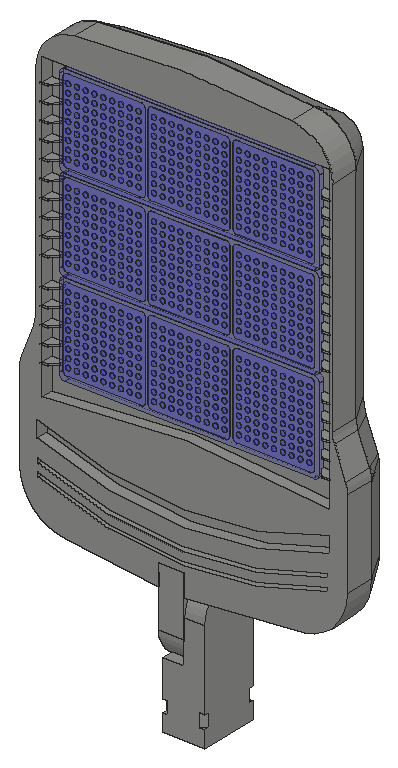
Revit family "VP-4-K", category Lighting Fixtures, host Face, Revit 2019 (continued)
Definition of nested family "SIZE4-K"
  Forms (in)
    Extrusion 49, solid, material <- "Glass"
      sketch origin (0.375, 0, -11.375) x (1, 0, 0) y (0, 0, 1)
        loop
          circle (-5.4033, 31.83694) r 0.15
        loop
          circle (-4.88455, 31.83694) r 0.15
        loop
          circle (-4.3658, 31.83694) r 0.15
        loop
          circle (-3.84705, 31.83694) r 0.15
        loop
          circle (-3.32831, 31.83694) r 0.15
        loop
          circle (-7.47829, 31.33694) r 0.15
        loop
          circle (-6.95955, 31.33694) r 0.15
        loop
          circle (-6.4408, 31.33694) r 0.15
        loop
          circle (-5.92205, 31.33694) r 0.15
        loop
          circle (-5.4033, 31.33694) r 0.15
        loop
          circle (-4.88455, 31.33694) r 0.15
        loop
          circle (-4.3658, 31.33694) r 0.15
        loop
          circle (-3.84705, 31.33694) r 0.15
        loop
          circle (-3.32831, 31.33694) r 0.15
        loop
          circle (-7.47829, 30.83694) r 0.15
        loop
          circle (-6.95955, 30.83694) r 0.15
        loop
          circle (-6.4408, 30.83694) r 0.15
        loop
          circle (-5.92205, 30.83694) r 0.15
        loop
          circle (-5.4033, 30.83694) r 0.15
        loop
          circle (-4.88455, 30.83694) r 0.15
        loop
          circle (-4.3658, 30.83694) r 0.15
        loop
          circle (-3.84705, 30.83694) r 0.15
        loop
          circle (-3.32831, 30.83694) r 0.15
        loop
          circle (-7.47829, 30.33694) r 0.15
        loop
          circle (-6.95955, 30.33694) r 0.15
        loop
          circle (-6.4408, 30.33694) r 0.15
        loop
          circle (-5.92205, 30.33694) r 0.15
        loop
          circle (-5.4033, 30.33694) r 0.15
        loop
          circle (-4.88455, 30.33694) r 0.15
        loop
          circle (-4.3658, 30.33694) r 0.15
        loop
          circle (-3.84705, 30.33694) r 0.15
        loop
          circle (-3.32831, 30.33694) r 0.15
        loop
          circle (-7.47829, 29.83694) r 0.15
        loop
          circle (-6.95955, 29.83694) r 0.15
        loop
          circle (-6.4408, 29.83694) r 0.15
        loop
          circle (-5.92205, 29.83694) r 0.15
        loop
          circle (-5.4033, 29.83694) r 0.15
        loop
          circle (-4.88455, 29.83694) r 0.15
        loop
          circle (-4.3658, 29.83694) r 0.15
        loop
          circle (-3.84705, 29.83694) r 0.15
        loop
          circle (-3.32831, 29.83694) r 0.15
        loop
          circle (-7.47829, 29.33694) r 0.15
        loop
          circle (-6.95955, 29.33694) r 0.15
        loop
          circle (-6.4408, 29.33694) r 0.15
        loop
          circle (-5.92205, 29.33694) r 0.15
        loop
          circle (-5.4033, 29.33694) r 0.15
        loop
          circle (-4.88455, 29.33694) r 0.15
        loop
          circle (-4.3658, 29.33694) r 0.15
        loop
          circle (-3.84705, 29.33694) r 0.15
        loop
          circle (-3.32831, 29.33694) r 0.15
        loop
          circle (-7.47829, 28.83694) r 0.15
        loop
          circle (-6.95955, 28.83694) r 0.15
        loop
          circle (-6.4408, 28.83694) r 0.15
        loop
          circle (-5.92205, 28.83694) r 0.15
        loop
          circle (-5.4033, 28.83694) r 0.15
        loop
          circle (-4.88455, 28.83694) r 0.15
        loop
          circle (-4.3658, 28.83694) r 0.15
        loop
          circle (-3.84705, 28.83694) r 0.15
        loop
          circle (-3.32831, 28.83694) r 0.15
        loop
          circle (-7.47829, 28.33694) r 0.15
        loop
          circle (-6.95955, 28.33694) r 0.15
        loop
          circle (-6.4408, 28.33694) r 0.15
        loop
          circle (-5.92205, 28.33694) r 0.15
        loop
          circle (-5.4033, 28.33694) r 0.15
        loop
          circle (-4.88455, 28.33694) r 0.15
        loop
          circle (-4.3658, 28.33694) r 0.15
        loop
          circle (-3.84705, 28.33694) r 0.15
        loop
          circle (-3.32831, 28.33694) r 0.15
      from 1.35 to 1.4
    Extrusion 50, solid, material <- "Glass"
      sketch origin (0, 0, -11.375) x (1, 0, 0) y (0, 0, 1)
        loop
          arc (-7.16655, 32.8409) -> (-7.34333, 32.76768) -> (-7.41655, 32.5909) r 0.25
          line (-7.41655, 32.5909) -> (-7.41655, 28.0909)
          arc (-7.41655, 28.0909) -> (-7.34333, 27.91412) -> (-7.16655, 27.8409) r 0.25
          line (-7.16655, 27.8409) -> (-2.81123, 27.8409)
          arc (-2.81123, 27.8409) -> (-2.63446, 27.91412) -> (-2.56123, 28.0909) r 0.25
          line (-2.56123, 28.0909) -> (-2.56123, 32.5909)
          arc (-2.56123, 32.5909) -> (-2.63446, 32.76768) -> (-2.81123, 32.8409) r 0.25
          line (-2.81123, 32.8409) -> (-7.16655, 32.8409)
      from 1.35 to 1.37213
    Extrusion 51, solid, material <- "Glass"
      sketch origin (-0.375, 0, -11.375) x (-1, 0, 0) y (0, 0, -1)
        loop
          circle (-7.47829, -32.33694) r 0.15
        loop
          circle (-6.95955, -32.33694) r 0.15
        loop
          circle (-6.4408, -32.33694) r 0.15
        loop
          circle (-5.92205, -32.33694) r 0.15
        loop
          circle (-5.4033, -32.33694) r 0.15
        loop
          circle (-4.88455, -32.33694) r 0.15
        loop
          circle (-4.3658, -32.33694) r 0.15
        loop
          circle (-3.84705, -32.33694) r 0.15
        loop
          circle (-3.32831, -32.33694) r 0.15
        loop
          circle (-7.47829, -31.83694) r 0.15
        loop
          circle (-6.95955, -31.83694) r 0.15
        loop
          circle (-6.4408, -31.83694) r 0.15
        loop
          circle (-5.92205, -31.83694) r 0.15
        loop
          circle (-5.4033, -31.83694) r 0.15
        loop
          circle (-4.88455, -31.83694) r 0.15
        loop
          circle (-4.3658, -31.83694) r 0.15
        loop
          circle (-3.84705, -31.83694) r 0.15
        loop
          circle (-3.32831, -31.83694) r 0.15
        loop
          circle (-7.47829, -31.33694) r 0.15
        loop
          circle (-6.95955, -31.33694) r 0.15
        loop
          circle (-6.4408, -31.33694) r 0.15
        loop
          circle (-5.92205, -31.33694) r 0.15
        loop
          circle (-5.4033, -31.33694) r 0.15
        loop
          circle (-4.88455, -31.33694) r 0.15
        loop
          circle (-4.3658, -31.33694) r 0.15
        loop
          circle (-3.84705, -31.33694) r 0.15
        loop
          circle (-3.32831, -31.33694) r 0.15
        loop
          circle (-7.47829, -30.83694) r 0.15
        loop
          circle (-6.95955, -30.83694) r 0.15
        loop
          circle (-6.4408, -30.83694) r 0.15
        loop
          circle (-5.92205, -30.83694) r 0.15
        loop
          circle (-5.4033, -30.83694) r 0.15
        loop
          circle (-4.88455, -30.83694) r 0.15
        loop
          circle (-4.3658, -30.83694) r 0.15
        loop
          circle (-3.84705, -30.83694) r 0.15
        loop
          circle (-3.32831, -30.83694) r 0.15
        loop
          circle (-7.47829, -30.33694) r 0.15
        loop
          circle (-6.95955, -30.33694) r 0.15
        loop
          circle (-6.4408, -30.33694) r 0.15
        loop
          circle (-5.92205, -30.33694) r 0.15
        loop
          circle (-5.4033, -30.33694) r 0.15
        loop
          circle (-4.88455, -30.33694) r 0.15
        loop
          circle (-4.3658, -30.33694) r 0.15
        loop
          circle (-3.84705, -30.33694) r 0.15
        loop
          circle (-3.32831, -30.33694) r 0.15
        loop
          circle (-7.47829, -29.83694) r 0.15
        loop
          circle (-6.95955, -29.83694) r 0.15
        loop
          circle (-6.4408, -29.83694) r 0.15
        loop
          circle (-5.92205, -29.83694) r 0.15
        loop
          circle (-5.4033, -29.83694) r 0.15
        loop
          circle (-4.88455, -29.83694) r 0.15
        loop
          circle (-4.3658, -29.83694) r 0.15
        loop
          circle (-3.84705, -29.83694) r 0.15
        loop
          circle (-3.32831, -29.83694) r 0.15
        loop
          circle (-7.47829, -29.33694) r 0.15
        loop
          circle (-6.95955, -29.33694) r 0.15
        loop
          circle (-6.4408, -29.33694) r 0.15
        loop
          circle (-5.92205, -29.33694) r 0.15
        loop
          circle (-5.4033, -29.33694) r 0.15
        loop
          circle (-4.88455, -29.33694) r 0.15
        loop
          circle (-4.3658, -29.33694) r 0.15
        loop
          circle (-3.84705, -29.33694) r 0.15
        loop
          circle (-3.32831, -29.33694) r 0.15
        loop
          circle (-7.47829, -28.83694) r 0.15
        loop
          circle (-6.95955, -28.83694) r 0.15
        loop
          circle (-6.4408, -28.83694) r 0.15
        loop
          circle (-5.92205, -28.83694) r 0.15
        loop
          circle (-5.4033, -28.83694) r 0.15
        loop
          circle (-4.88455, -28.83694) r 0.15
        loop
          circle (-4.3658, -28.83694) r 0.15
        loop
          circle (-3.84705, -28.83694) r 0.15
        loop
          circle (-3.32831, -28.83694) r 0.15
        loop
          circle (-7.47829, -28.33694) r 0.15
        loop
          circle (-6.95955, -28.33694) r 0.15
        loop
          circle (-6.4408, -28.33694) r 0.15
        loop
          circle (-5.92205, -28.33694) r 0.15
        loop
          circle (-5.4033, -28.33694) r 0.15
        loop
          circle (-4.88455, -28.33694) r 0.15
        loop
          circle (-4.3658, -28.33694) r 0.15
        loop
          circle (-3.84705, -28.33694) r 0.15
        loop
          circle (-3.32831, -28.33694) r 0.15
      from 1.35 to 1.4
    Extrusion 52, solid, material <- "Glass"
      sketch origin (0, 0, -11.375) x (-1, 0, 0) y (0, 0, -1)
        loop
          line (-7.16655, -32.8409) -> (-2.84181, -32.8409)
          arc (-2.84181, -32.8409) -> (-2.66504, -32.76768) -> (-2.59181, -32.5909) r 0.25
          line (-2.59181, -32.5909) -> (-2.59181, -28.0909)
          arc (-2.59181, -28.0909) -> (-2.66504, -27.91412) -> (-2.84181, -27.8409) r 0.25
          line (-2.84181, -27.8409) -> (-7.16655, -27.8409)
          arc (-7.16655, -27.8409) -> (-7.34333, -27.91412) -> (-7.41655, -28.0909) r 0.25
          line (-7.41655, -28.0909) -> (-7.41655, -32.5909)
          arc (-7.41655, -32.5909) -> (-7.34333, -32.76768) -> (-7.16655, -32.8409) r 0.25
      from 1.35 to 1.37213
    Extrusion 53, solid, material <- "Glass"
      sketch origin (-5.375, 0, -11.375) x (-1, 0, 0) y (0, 0, -1)
        loop
          circle (-7.47829, -32.33694) r 0.15
        loop
          circle (-6.95955, -32.33694) r 0.15
        loop
          circle (-6.4408, -32.33694) r 0.15
        loop
          circle (-5.92205, -32.33694) r 0.15
        loop
          circle (-5.4033, -32.33694) r 0.15
        loop
          circle (-4.88455, -32.33694) r 0.15
        loop
          circle (-4.3658, -32.33694) r 0.15
        loop
          circle (-3.84705, -32.33694) r 0.15
        loop
          circle (-3.32831, -32.33694) r 0.15
        loop
          circle (-7.47829, -31.83694) r 0.15
        loop
          circle (-6.95955, -31.83694) r 0.15
        loop
          circle (-6.4408, -31.83694) r 0.15
        loop
          circle (-5.92205, -31.83694) r 0.15
        loop
          circle (-5.4033, -31.83694) r 0.15
        loop
          circle (-4.88455, -31.83694) r 0.15
        loop
          circle (-4.3658, -31.83694) r 0.15
        loop
          circle (-3.84705, -31.83694) r 0.15
        loop
          circle (-3.32831, -31.83694) r 0.15
        loop
          circle (-7.47829, -31.33694) r 0.15
        loop
          circle (-6.95955, -31.33694) r 0.15
        loop
          circle (-6.4408, -31.33694) r 0.15
        loop
          circle (-5.92205, -31.33694) r 0.15
        loop
          circle (-5.4033, -31.33694) r 0.15
        loop
          circle (-4.88455, -31.33694) r 0.15
        loop
          circle (-4.3658, -31.33694) r 0.15
        loop
          circle (-3.84705, -31.33694) r 0.15
        loop
          circle (-3.32831, -31.33694) r 0.15
        loop
          circle (-7.47829, -30.83694) r 0.15
        loop
          circle (-6.95955, -30.83694) r 0.15
        loop
          circle (-6.4408, -30.83694) r 0.15
        loop
          circle (-5.92205, -30.83694) r 0.15
        loop
          circle (-5.4033, -30.83694) r 0.15
        loop
          circle (-4.88455, -30.83694) r 0.15
        loop
          circle (-4.3658, -30.83694) r 0.15
        loop
          circle (-3.84705, -30.83694) r 0.15
        loop
          circle (-3.32831, -30.83694) r 0.15
        loop
          circle (-7.47829, -30.33694) r 0.15
        loop
          circle (-6.95955, -30.33694) r 0.15
        loop
          circle (-6.4408, -30.33694) r 0.15
        loop
          circle (-5.92205, -30.33694) r 0.15
        loop
          circle (-5.4033, -30.33694) r 0.15
        loop
          circle (-4.88455, -30.33694) r 0.15
        loop
          circle (-4.3658, -30.33694) r 0.15
        loop
          circle (-3.84705, -30.33694) r 0.15
        loop
          circle (-3.32831, -30.33694) r 0.15
        loop
          circle (-7.47829, -29.83694) r 0.15
        loop
          circle (-6.95955, -29.83694) r 0.15
        loop
          circle (-6.4408, -29.83694) r 0.15
        loop
          circle (-5.92205, -29.83694) r 0.15
        loop
          circle (-5.4033, -29.83694) r 0.15
        loop
          circle (-4.88455, -29.83694) r 0.15
        loop
          circle (-4.3658, -29.83694) r 0.15
        loop
          circle (-3.84705, -29.83694) r 0.15
        loop
          circle (-3.32831, -29.83694) r 0.15
        loop
          circle (-7.47829, -29.33694) r 0.15
        loop
          circle (-6.95955, -29.33694) r 0.15
        loop
          circle (-6.4408, -29.33694) r 0.15
        loop
          circle (-5.92205, -29.33694) r 0.15
        loop
          circle (-5.4033, -29.33694) r 0.15
        loop
          circle (-4.88455, -29.33694) r 0.15
        loop
          circle (-4.3658, -29.33694) r 0.15
        loop
          circle (-3.84705, -29.33694) r 0.15
        loop
          circle (-3.32831, -29.33694) r 0.15
        loop
          circle (-7.47829, -28.83694) r 0.15
        loop
          circle (-6.95955, -28.83694) r 0.15
        loop
          circle (-6.4408, -28.83694) r 0.15
        loop
          circle (-5.92205, -28.83694) r 0.15
        loop
          circle (-5.4033, -28.83694) r 0.15
        loop
          circle (-4.88455, -28.83694) r 0.15
        loop
          circle (-4.3658, -28.83694) r 0.15
        loop
          circle (-3.84705, -28.83694) r 0.15
        loop
          circle (-3.32831, -28.83694) r 0.15
        loop
          circle (-7.47829, -28.33694) r 0.15
        loop
          circle (-6.95955, -28.33694) r 0.15
        loop
          circle (-6.4408, -28.33694) r 0.15
        loop
          circle (-5.92205, -28.33694) r 0.15
        loop
          circle (-5.4033, -28.33694) r 0.15
        loop
          circle (-4.88455, -28.33694) r 0.15
        loop
          circle (-4.3658, -28.33694) r 0.15
        loop
          circle (-3.84705, -28.33694) r 0.15
        loop
          circle (-3.32831, -28.33694) r 0.15
      from 1.35 to 1.4
    Extrusion 54, solid, material <- "Glass"
      sketch origin (-5, 0, -11.375) x (-1, 0, 0) y (0, 0, -1)
        loop
          line (-7.16655, -32.8409) -> (-2.84181, -32.8409)
          arc (-2.84181, -32.8409) -> (-2.66504, -32.76768) -> (-2.59181, -32.5909) r 0.25
          line (-2.59181, -32.5909) -> (-2.59181, -28.0909)
          arc (-2.59181, -28.0909) -> (-2.66504, -27.91412) -> (-2.84181, -27.8409) r 0.25
          line (-2.84181, -27.8409) -> (-7.16655, -27.8409)
          arc (-7.16655, -27.8409) -> (-7.34333, -27.91412) -> (-7.41655, -28.0909) r 0.25
          line (-7.41655, -28.0909) -> (-7.41655, -32.5909)
          arc (-7.41655, -32.5909) -> (-7.34333, -32.76768) -> (-7.16655, -32.8409) r 0.25
      from 1.35 to 1.37213
    Extrusion 55, solid, material <- "Fixture"
      sketch origin (0.125, 0, 2.5) x (1, 0, 0) y (0, 0, 1)
        loop
          arc (8.61601, 29.87811) -> (7.91353, 31.61742) -> (6.20018, 32.38102) r 2.50448
          arc (6.20018, 32.38102) -> (-0.18326, 32.81078) -> (-6.56625, 32.37421) r 47.24839
          arc (-6.56625, 32.37421) -> (-8.20342, 31.57512) -> (-8.86601, 29.87811) r 2.50448
          line (-8.86601, 29.87811) -> (-8.86601, 16.83541)
          arc (-8.86601, 16.83541) -> (-8.89448, 16.52871) -> (-8.97892, 16.2325) r 1.66606
          line (-8.97892, 16.2325) -> (-9.6766, 14.43524)
          arc (-9.6766, 14.43524) -> (-9.74427, 14.21755) -> (-9.78142, 13.99263) r 1.65645
          line (-9.78142, 13.99263) -> (-9.78142, 8.65741)
          arc (-9.78142, 8.65741) -> (-8.97209, 6.60779) -> (-6.98078, 5.66404) r 3
          arc (-6.98078, 5.66404) -> (0.01001, 4.99965) -> (7.00057, 5.66642) r 37.04471
          arc (7.00057, 5.66642) -> (8.81758, 6.67941) -> (9.53886, 8.63067) r 3
          line (9.53886, 8.63067) -> (9.53886, 13.83581)
          arc (9.53886, 13.83581) -> (9.51055, 14.14073) -> (9.4266, 14.43524) r 1.65645
          line (9.4266, 14.43524) -> (8.72892, 16.2325)
          arc (8.72892, 16.2325) -> (8.64448, 16.52871) -> (8.61601, 16.83541) r 1.66606
          line (8.61601, 16.83541) -> (8.61601, 29.87811)
      from 0 to 1.74
    Blend 56, solid, material <- "Fixture"
      base sketch origin (0, 0, 0) x (1, 0, 0) y (0, 0, 1)
        loop
          arc (-9.5516, 16.93524) -> (-9.61927, 16.71755) -> (-9.65642, 16.49263) r 1.65645
          line (-9.65642, 16.49263) -> (-9.65642, 11.15741)
          arc (-9.65642, 11.15741) -> (-8.84709, 9.10779) -> (-6.85578, 8.16404) r 3
          arc (-6.85578, 8.16404) -> (0.13501, 7.49965) -> (7.12557, 8.16642) r 37.04471
          arc (7.12557, 8.16642) -> (8.94258, 9.17941) -> (9.66386, 11.13067) r 3
          line (9.66386, 11.13067) -> (9.66386, 16.33581)
          arc (9.66386, 16.33581) -> (9.63555, 16.64073) -> (9.5516, 16.93524) r 1.65645
          line (9.5516, 16.93524) -> (8.85392, 18.7325)
          arc (8.85392, 18.7325) -> (8.76948, 19.02871) -> (8.74101, 19.33541) r 1.66606
          line (8.74101, 19.33541) -> (8.74101, 32.37811)
          arc (8.74101, 32.37811) -> (8.03853, 34.11742) -> (6.32518, 34.88102) r 2.50448
          arc (6.32518, 34.88102) -> (-0.05826, 35.31078) -> (-6.44125, 34.87421) r 47.24839
          arc (-6.44125, 34.87421) -> (-8.07842, 34.07512) -> (-8.74101, 32.37811) r 2.50448
          line (-8.74101, 32.37811) -> (-8.74101, 19.33541)
          arc (-8.74101, 19.33541) -> (-8.76948, 19.02871) -> (-8.85392, 18.7325) r 1.66606
          line (-8.85392, 18.7325) -> (-9.5516, 16.93524)
      top sketch origin (0, 0, 0) x (1, 0, 0) y (0, 0, 1)
        loop
          line (-8.65642, 16.43436) -> (-8.65642, 11.15741)
          arc (-8.65642, 11.15741) -> (-8.09764, 9.77073) -> (-6.73353, 9.1589) r 2
          arc (-6.73353, 9.1589) -> (0.1108, 8.49965) -> (6.95577, 9.15209) r 36.04471
          arc (6.95577, 9.15209) -> (8.17777, 9.82373) -> (8.66386, 11.13067) r 2
          line (8.66386, 11.13067) -> (8.66386, 16.33581)
          arc (8.66386, 16.33581) -> (8.65264, 16.45665) -> (8.61937, 16.57336) r 0.65645
          line (8.61937, 16.57336) -> (7.9217, 18.37062)
          arc (7.9217, 18.37062) -> (7.78657, 18.84463) -> (7.74101, 19.33541) r 2.66606
          line (7.74101, 19.33541) -> (7.74101, 32.37811)
          arc (7.74101, 32.37811) -> (7.3037, 33.43858) -> (6.246, 33.88256) r 1.50448
          arc (6.246, 33.88256) -> (-0.04498, 34.31079) -> (-6.33575, 33.87932) r 46.24839
          arc (-6.33575, 33.87932) -> (-7.33487, 33.40626) -> (-7.74101, 32.37811) r 1.50448
          line (-7.74101, 32.37811) -> (-7.74101, 19.33541)
          arc (-7.74101, 19.33541) -> (-7.78657, 18.84463) -> (-7.9217, 18.37062) r 2.66606
          line (-7.9217, 18.37062) -> (-8.61937, 16.57336)
          arc (-8.61937, 16.57336) -> (-8.64172, 16.50488) -> (-8.65642, 16.43436) r 0.65645
      from 0 to -1.74
    Extrusion 57, solid, material <- "Fixture"
      sketch origin (0, 0, 0) x (0, 1, 0) y (0, 0, 1)
        loop
          line (1.74, 0) -> (1.74, 6.43918)
          arc (1.74, 6.43918) -> (0, 8.17918) -> (-1.74, 6.43918) r 1.74
          line (-1.74, 6.43918) -> (-1.74, 0) -> (1.74, 0)
      from -1.24 to 1.24
    Extrusion 58, solid, material <- "Fixture"
      sketch origin (0, 0, 0) x (0, 1, 0) y (0, 0, 1)
        loop
          line (1.74, 8.81429) -> (-1.74, 8.81429) -> (-1.74, 5.31429)
          arc (-1.74, 5.31429) -> (0, 3.57429) -> (1.74, 5.31429) r 1.74
          line (1.74, 5.31429) -> (1.74, 8.81429)
      from -1.5 to 0
    Extrusion 59, void
      sketch origin (0, 0, 0) x (1, 0, 0) y (0, 0, 1)
        loop
          line (-1.5, 8.3) -> (-1.5, 3.90812) -> (0, 3.90812) -> (0, 8.3) -> (-1.5, 8.3)
      from -1.84653 to 1.9488
    Extrusion 60, void
      sketch origin (0, 0, 0) x (1, 0, 0) y (0, 1, 0)
        loop
          line (0.84352, 1.83879) -> (1.27235, 1.40996) -> (1.4375, 1.40996) -> (1.4375, 1.83879) -> (0.84352, 1.83879)
        loop
          line (-0.84352, 1.83879) -> (-1.4375, 1.83879) -> (-1.4375, 1.40996) -> (-1.27235, 1.40996) -> (-0.84352, 1.83879)
        loop
          line (0.84352, -1.83879) -> (1.4375, -1.83879) -> (1.4375, -1.40996) -> (1.27235, -1.40996) -> (0.84352, -1.83879)
        loop
          line (-0.84352, -1.83879) -> (-1.27235, -1.40996) -> (-1.4375, -1.40996) -> (-1.4375, -1.83879) -> (-0.84352, -1.83879)
      from 1 to 1.75
  Cuts and joins
    Extrusion 2, Extrusion 40, Extrusion 59 cuts Extrusion 55
    Extrusion 59 cuts Blend 56
    Extrusion 59, Extrusion 60 cuts Extrusion 57
  Dimensions and locks (in)
    equal spacing: plane 4, plane 3 "Center (Left/Right)", plane 5
    "Width": plane 4 to plane 5
    "Length": plane 7 to plane 6
    "Mount Length": plane 6 to plane 2
    aligned and locked: plane 2 to Extrusion 1
    aligned and locked: level to Extrusion 1
  Automatic sketch dimensions
    Extrusion 1 sketch curve to Extrusion 1 sketch curve = 96.00"  (x2)
    plane 5 to Extrusion 2 sketch curve = 1.40392"
    plane 3 "Center (Left/Right)" to Extrusion 2 sketch curve = 0.06506"
    Extrusion 2 sketch curve to plane 4 = 1.25"
    Extrusion 2 sketch curve to level = 39.4018"
    plane 6 to Extrusion 2 sketch curve = 7.65635"
    Extrusion 2 sketch curve to plane 7 = 2.31818"
    plane 5 to Extrusion 3 sketch curve = 2.15013"
    Extrusion 3 sketch curve to Extrusion 3 sketch curve = 0.35"  (x3)
    Extrusion 3 sketch curve to plane 4 = 2.50013"  (x2)
    Extrusion 3 sketch curve to plane 7 = 8.31818"
    Extrusion 3 sketch curve to plane 7 = 3.16818"
    plane 5 to Extrusion 4 sketch curve = 2.70671"
    Extrusion 4 sketch curve to Extrusion 4 sketch curve = 0.00"  (x61)
    Extrusion 4 sketch curve to Extrusion 4 sketch curve = 0.51875"  (x27)
    Extrusion 4 sketch curve to plane 7 = 7.51806"
    Extrusion 4 sketch curve to Extrusion 4 sketch curve = 0.50"  (x72)
    plane 5 to Extrusion 5 sketch curve = 2.39345"
    Extrusion 5 sketch curve to Extrusion 5 sketch curve = 0.25"  (x3)
    Extrusion 5 sketch curve to plane 3 "Center (Left/Right)" = 2.81123"  (x2)
    Extrusion 5 sketch curve to plane 7 = 8.0141"
    Extrusion 5 sketch curve to plane 7 = 3.2641"
    Extrusion 6 sketch curve to plane 4 = 2.12307"
    Extrusion 6 sketch curve to plane 8 = 0.46661"
    Extrusion 6 sketch curve to Extrusion 6 sketch curve = 0.02618"
    Extrusion 6 sketch curve to Extrusion 6 sketch curve = 0.1119"
    Extrusion 6 sketch curve to plane 8 = 0.03691"
    Extrusion 6 sketch curve to Extrusion 6 sketch curve = 0.36056"
    Extrusion 6 sketch curve to plane 8 = 0.00781"
    Extrusion 6 sketch curve to Extrusion 6 sketch curve = 0.06241"
    Extrusion 6 sketch curve to Extrusion 6 sketch curve = 0.42393"
    Extrusion 6 sketch curve to Extrusion 6 sketch curve = 0.73219"
    plane 4 to Extrusion 7 sketch curve = 2.70671"
    Extrusion 7 sketch curve to Extrusion 7 sketch curve = 0.00"  (x61)
    Extrusion 7 sketch curve to Extrusion 7 sketch curve = 0.51875"  (x27)
    plane 7 to Extrusion 7 sketch curve = 7.51806"
    Extrusion 7 sketch curve to Extrusion 7 sketch curve = 0.50"  (x72)
    plane 4 to Extrusion 8 sketch curve = 2.39345"
    Extrusion 8 sketch curve to Extrusion 8 sketch curve = 0.25"  (x3)
    Extrusion 8 sketch curve to plane 3 "Center (Left/Right)" = 2.84181"  (x2)
    plane 7 to Extrusion 8 sketch curve = 8.0141"
    plane 7 to Extrusion 8 sketch curve = 3.2641"
    plane 5 to Extrusion 9 sketch curve = 2.15013"
    Extrusion 9 sketch curve to Extrusion 9 sketch curve = 0.35"  (x3)
    Extrusion 9 sketch curve to plane 4 = 2.50013"  (x2)
    Extrusion 9 sketch curve to plane 7 = 13.81818"
    Extrusion 9 sketch curve to Extrusion 9 sketch curve = 4.80"
    Extrusion 10 sketch curve to plane 5 = 2.15013"
    Extrusion 10 sketch curve to Extrusion 10 sketch curve = 0.35"  (x3)
    plane 4 to Extrusion 10 sketch curve = 2.50013"  (x2)
    plane 7 to Extrusion 10 sketch curve = 13.81818"
    Extrusion 10 sketch curve to Extrusion 10 sketch curve = 4.80"
    Extrusion 11 sketch curve to plane 4 = 2.12307"
    Extrusion 11 sketch curve to plane 8 = 0.46661"
    Extrusion 11 sketch curve to Extrusion 11 sketch curve = 0.02618"
    Extrusion 11 sketch curve to Extrusion 11 sketch curve = 0.1119"
    Extrusion 11 sketch curve to plane 8 = 0.03691"
    Extrusion 11 sketch curve to Extrusion 11 sketch curve = 0.36056"
    Extrusion 11 sketch curve to plane 8 = 0.00781"
    Extrusion 11 sketch curve to Extrusion 11 sketch curve = 0.06241"
    Extrusion 11 sketch curve to Extrusion 11 sketch curve = 0.42393"
    Extrusion 11 sketch curve to Extrusion 11 sketch curve = 0.73219"
    Extrusion 12 sketch curve to plane 4 = 2.12307"
    Extrusion 12 sketch curve to plane 8 = 0.46661"
    Extrusion 12 sketch curve to Extrusion 12 sketch curve = 0.02618"
    Extrusion 12 sketch curve to Extrusion 12 sketch curve = 0.1119"
    Extrusion 12 sketch curve to plane 8 = 0.03691"
    Extrusion 12 sketch curve to Extrusion 12 sketch curve = 0.36056"
    Extrusion 12 sketch curve to plane 8 = 0.00781"
    Extrusion 12 sketch curve to Extrusion 12 sketch curve = 0.06241"
    Extrusion 12 sketch curve to Extrusion 12 sketch curve = 0.42393"
    Extrusion 12 sketch curve to Extrusion 12 sketch curve = 0.73219"
    Extrusion 13 sketch curve to plane 4 = 2.12307"
    Extrusion 13 sketch curve to plane 8 = 0.46661"
    Extrusion 13 sketch curve to Extrusion 13 sketch curve = 0.02618"
    Extrusion 13 sketch curve to Extrusion 13 sketch curve = 0.08572"
    Extrusion 13 sketch curve to plane 8 = 0.03691"
    Extrusion 13 sketch curve to Extrusion 13 sketch curve = 0.36056"
    Extrusion 13 sketch curve to plane 8 = 0.00781"
    Extrusion 13 sketch curve to Extrusion 13 sketch curve = 0.06241"
    Extrusion 13 sketch curve to Extrusion 13 sketch curve = 0.42393"
    Extrusion 13 sketch curve to Extrusion 13 sketch curve = 0.73219"
    Extrusion 14 sketch curve to plane 4 = 2.12307"
    Extrusion 14 sketch curve to plane 8 = 0.46661"
    Extrusion 14 sketch curve to Extrusion 14 sketch curve = 0.02618"
    Extrusion 14 sketch curve to Extrusion 14 sketch curve = 0.1119"
    Extrusion 14 sketch curve to plane 8 = 0.03691"
    Extrusion 14 sketch curve to Extrusion 14 sketch curve = 0.36056"
    Extrusion 14 sketch curve to plane 8 = 0.00781"
    Extrusion 14 sketch curve to Extrusion 14 sketch curve = 0.06241"
    Extrusion 14 sketch curve to Extrusion 14 sketch curve = 0.42393"
    Extrusion 14 sketch curve to Extrusion 14 sketch curve = 0.73219"
    Extrusion 15 sketch curve to plane 4 = 2.12307"
    Extrusion 15 sketch curve to plane 8 = 0.46661"
    Extrusion 15 sketch curve to Extrusion 15 sketch curve = 0.02618"
    Extrusion 15 sketch curve to Extrusion 15 sketch curve = 0.1119"
    Extrusion 15 sketch curve to plane 8 = 0.03691"
    Extrusion 15 sketch curve to Extrusion 15 sketch curve = 0.36056"
    Extrusion 15 sketch curve to plane 8 = 0.00781"
    Extrusion 15 sketch curve to Extrusion 15 sketch curve = 0.06241"
    Extrusion 15 sketch curve to Extrusion 15 sketch curve = 0.42393"
    Extrusion 15 sketch curve to Extrusion 15 sketch curve = 0.73219"
    Extrusion 16 sketch curve to plane 4 = 2.12307"
    Extrusion 16 sketch curve to plane 8 = 0.46661"
    Extrusion 16 sketch curve to Extrusion 16 sketch curve = 0.02618"
    Extrusion 16 sketch curve to Extrusion 16 sketch curve = 0.1119"
    Extrusion 16 sketch curve to plane 8 = 0.03691"
    Extrusion 16 sketch curve to Extrusion 16 sketch curve = 0.36056"
    Extrusion 16 sketch curve to plane 8 = 0.00781"
    Extrusion 16 sketch curve to Extrusion 16 sketch curve = 0.06241"
    Extrusion 16 sketch curve to Extrusion 16 sketch curve = 0.42393"
    Extrusion 16 sketch curve to Extrusion 16 sketch curve = 0.73219"
    Extrusion 17 sketch curve to plane 4 = 2.12307"
    Extrusion 17 sketch curve to plane 8 = 0.46661"
    Extrusion 17 sketch curve to Extrusion 17 sketch curve = 0.02618"
    Extrusion 17 sketch curve to Extrusion 17 sketch curve = 0.1119"
    Extrusion 17 sketch curve to plane 8 = 0.03691"
    Extrusion 17 sketch curve to Extrusion 17 sketch curve = 0.36056"
    Extrusion 17 sketch curve to plane 8 = 0.00781"
    Extrusion 17 sketch curve to Extrusion 17 sketch curve = 0.06241"
    Extrusion 17 sketch curve to Extrusion 17 sketch curve = 0.42393"
    Extrusion 17 sketch curve to Extrusion 17 sketch curve = 0.73219"
    Extrusion 18 sketch curve to plane 4 = 2.12307"
    Extrusion 18 sketch curve to plane 8 = 0.46661"
    Extrusion 18 sketch curve to Extrusion 18 sketch curve = 0.02618"
    Extrusion 18 sketch curve to Extrusion 18 sketch curve = 0.1119"
    Extrusion 18 sketch curve to plane 8 = 0.03691"
    Extrusion 18 sketch curve to Extrusion 18 sketch curve = 0.36056"
    Extrusion 18 sketch curve to plane 8 = 0.00781"
    Extrusion 18 sketch curve to Extrusion 18 sketch curve = 0.06241"
    Extrusion 18 sketch curve to Extrusion 18 sketch curve = 0.42393"
    Extrusion 18 sketch curve to Extrusion 18 sketch curve = 0.73219"
    Extrusion 19 sketch curve to plane 4 = 2.12307"
    Extrusion 19 sketch curve to plane 8 = 0.46661"
    Extrusion 19 sketch curve to Extrusion 19 sketch curve = 0.02618"
    Extrusion 19 sketch curve to Extrusion 19 sketch curve = 0.1119"
    Extrusion 19 sketch curve to plane 8 = 0.03691"
    Extrusion 19 sketch curve to Extrusion 19 sketch curve = 0.36056"
    Extrusion 19 sketch curve to plane 8 = 0.00781"
    Extrusion 19 sketch curve to Extrusion 19 sketch curve = 0.06241"
    Extrusion 19 sketch curve to Extrusion 19 sketch curve = 0.42393"
    Extrusion 19 sketch curve to Extrusion 19 sketch curve = 0.73219"
    Extrusion 20 sketch curve to plane 4 = 2.12307"
    Extrusion 20 sketch curve to plane 8 = 0.46661"
    Extrusion 20 sketch curve to Extrusion 20 sketch curve = 0.02618"
    Extrusion 20 sketch curve to Extrusion 20 sketch curve = 0.1119"
    Extrusion 20 sketch curve to plane 8 = 0.03691"
    Extrusion 20 sketch curve to Extrusion 20 sketch curve = 0.36056"
    Extrusion 20 sketch curve to plane 8 = 0.00781"
    Extrusion 20 sketch curve to Extrusion 20 sketch curve = 0.06241"
    Extrusion 20 sketch curve to Extrusion 20 sketch curve = 0.42393"
    Extrusion 20 sketch curve to Extrusion 20 sketch curve = 0.73219"
    Extrusion 21 sketch curve to plane 4 = 2.12307"
    Extrusion 21 sketch curve to plane 8 = 0.46661"
    Extrusion 21 sketch curve to Extrusion 21 sketch curve = 0.02618"
    Extrusion 21 sketch curve to Extrusion 21 sketch curve = 0.08572"
    Extrusion 21 sketch curve to plane 8 = 0.03691"
    Extrusion 21 sketch curve to Extrusion 21 sketch curve = 0.36056"
    Extrusion 21 sketch curve to plane 8 = 0.00781"
    Extrusion 21 sketch curve to Extrusion 21 sketch curve = 0.06241"
    Extrusion 21 sketch curve to Extrusion 21 sketch curve = 0.42393"
    Extrusion 21 sketch curve to Extrusion 21 sketch curve = 0.73219"
    Extrusion 22 sketch curve to plane 4 = 2.12307"
    Extrusion 22 sketch curve to plane 8 = 0.46661"
    Extrusion 22 sketch curve to Extrusion 22 sketch curve = 0.02618"
    Extrusion 22 sketch curve to Extrusion 22 sketch curve = 0.1119"
    Extrusion 22 sketch curve to plane 8 = 0.03691"
    Extrusion 22 sketch curve to Extrusion 22 sketch curve = 0.36056"
    Extrusion 22 sketch curve to plane 8 = 0.00781"
    Extrusion 22 sketch curve to Extrusion 22 sketch curve = 0.06241"
    Extrusion 22 sketch curve to Extrusion 22 sketch curve = 0.42393"
    Extrusion 22 sketch curve to Extrusion 22 sketch curve = 0.73219"
    Extrusion 23 sketch curve to plane 4 = 2.12307"
    Extrusion 23 sketch curve to plane 8 = 0.46661"
    Extrusion 23 sketch curve to Extrusion 23 sketch curve = 0.02618"
    Extrusion 23 sketch curve to Extrusion 23 sketch curve = 0.08572"
    Extrusion 23 sketch curve to plane 8 = 0.03691"
    Extrusion 23 sketch curve to Extrusion 23 sketch curve = 0.36056"
    Extrusion 23 sketch curve to plane 8 = 0.00781"
    Extrusion 23 sketch curve to Extrusion 23 sketch curve = 0.06241"
    Extrusion 23 sketch curve to Extrusion 23 sketch curve = 0.42393"
    Extrusion 23 sketch curve to Extrusion 23 sketch curve = 0.73219"
    Extrusion 24 sketch curve to plane 4 = 2.12307"
    Extrusion 24 sketch curve to plane 8 = 0.46661"
    Extrusion 24 sketch curve to Extrusion 24 sketch curve = 0.02618"
    Extrusion 24 sketch curve to Extrusion 24 sketch curve = 0.1119"
    Extrusion 24 sketch curve to plane 8 = 0.03691"
    Extrusion 24 sketch curve to Extrusion 24 sketch curve = 0.36056"
    Extrusion 24 sketch curve to plane 8 = 0.00781"
    Extrusion 24 sketch curve to Extrusion 24 sketch curve = 0.06241"
    Extrusion 24 sketch curve to Extrusion 24 sketch curve = 0.42393"
    Extrusion 24 sketch curve to Extrusion 24 sketch curve = 0.73219"
    plane 5 to Extrusion 25 sketch curve = 2.2012"
    Extrusion 25 sketch curve to plane 8 = 0.46661"
    Extrusion 25 sketch curve to Extrusion 25 sketch curve = 0.02618"
    Extrusion 25 sketch curve to Extrusion 25 sketch curve = 0.1119"
    Extrusion 25 sketch curve to plane 8 = 0.03691"
    Extrusion 25 sketch curve to Extrusion 25 sketch curve = 0.36056"
    Extrusion 25 sketch curve to plane 8 = 0.00781"
    Extrusion 25 sketch curve to Extrusion 25 sketch curve = 0.06241"
    Extrusion 25 sketch curve to Extrusion 25 sketch curve = 0.42393"
    Extrusion 25 sketch curve to Extrusion 25 sketch curve = 0.20146"
    plane 5 to Extrusion 26 sketch curve = 2.2012"
    Extrusion 26 sketch curve to plane 8 = 0.46661"
    Extrusion 26 sketch curve to Extrusion 26 sketch curve = 0.02618"
    Extrusion 26 sketch curve to Extrusion 26 sketch curve = 0.08572"
    Extrusion 26 sketch curve to plane 8 = 0.03691"
    Extrusion 26 sketch curve to Extrusion 26 sketch curve = 0.36056"
    Extrusion 26 sketch curve to plane 8 = 0.00781"
    Extrusion 26 sketch curve to Extrusion 26 sketch curve = 0.06241"
    Extrusion 26 sketch curve to Extrusion 26 sketch curve = 0.42393"
    Extrusion 26 sketch curve to Extrusion 26 sketch curve = 0.20146"
    plane 5 to Extrusion 27 sketch curve = 2.2012"
    Extrusion 27 sketch curve to plane 8 = 0.46661"
    Extrusion 27 sketch curve to Extrusion 27 sketch curve = 0.02618"
    Extrusion 27 sketch curve to Extrusion 27 sketch curve = 0.08572"
    Extrusion 27 sketch curve to plane 8 = 0.03691"
    Extrusion 27 sketch curve to Extrusion 27 sketch curve = 0.36056"
    Extrusion 27 sketch curve to plane 8 = 0.00781"
    Extrusion 27 sketch curve to Extrusion 27 sketch curve = 0.06241"
    Extrusion 27 sketch curve to Extrusion 27 sketch curve = 0.42393"
    Extrusion 27 sketch curve to Extrusion 27 sketch curve = 0.20146"
    plane 5 to Extrusion 28 sketch curve = 2.2012"
    Extrusion 28 sketch curve to plane 8 = 0.46661"
    Extrusion 28 sketch curve to Extrusion 28 sketch curve = 0.02618"
    Extrusion 28 sketch curve to Extrusion 28 sketch curve = 0.1119"
    Extrusion 28 sketch curve to plane 8 = 0.03691"
    Extrusion 28 sketch curve to Extrusion 28 sketch curve = 0.36056"
    Extrusion 28 sketch curve to plane 8 = 0.00781"
    Extrusion 28 sketch curve to Extrusion 28 sketch curve = 0.06241"
    Extrusion 28 sketch curve to Extrusion 28 sketch curve = 0.42393"
    Extrusion 28 sketch curve to Extrusion 28 sketch curve = 0.20146"
    plane 5 to Extrusion 29 sketch curve = 2.2012"
    Extrusion 29 sketch curve to plane 8 = 0.46661"
    Extrusion 29 sketch curve to Extrusion 29 sketch curve = 0.02618"
    Extrusion 29 sketch curve to Extrusion 29 sketch curve = 0.1119"
    Extrusion 29 sketch curve to plane 8 = 0.03691"
    Extrusion 29 sketch curve to Extrusion 29 sketch curve = 0.36056"
    Extrusion 29 sketch curve to plane 8 = 0.00781"
    Extrusion 29 sketch curve to Extrusion 29 sketch curve = 0.06241"
    Extrusion 29 sketch curve to Extrusion 29 sketch curve = 0.42393"
    Extrusion 29 sketch curve to Extrusion 29 sketch curve = 0.20146"
    plane 5 to Extrusion 30 sketch curve = 2.2012"
    Extrusion 30 sketch curve to plane 8 = 0.46661"
    Extrusion 30 sketch curve to Extrusion 30 sketch curve = 0.02618"
    Extrusion 30 sketch curve to Extrusion 30 sketch curve = 0.1119"
    Extrusion 30 sketch curve to plane 8 = 0.03691"
    Extrusion 30 sketch curve to Extrusion 30 sketch curve = 0.36056"
    Extrusion 30 sketch curve to plane 8 = 0.00781"
    Extrusion 30 sketch curve to Extrusion 30 sketch curve = 0.06241"
    Extrusion 30 sketch curve to Extrusion 30 sketch curve = 0.42393"
    Extrusion 30 sketch curve to Extrusion 30 sketch curve = 0.20146"
    plane 5 to Extrusion 31 sketch curve = 2.2012"
    Extrusion 31 sketch curve to plane 8 = 0.46661"
    Extrusion 31 sketch curve to Extrusion 31 sketch curve = 0.02618"
    Extrusion 31 sketch curve to Extrusion 31 sketch curve = 0.1119"
    Extrusion 31 sketch curve to plane 8 = 0.03691"
    Extrusion 31 sketch curve to Extrusion 31 sketch curve = 0.36056"
    Extrusion 31 sketch curve to plane 8 = 0.00781"
    Extrusion 31 sketch curve to Extrusion 31 sketch curve = 0.06241"
    Extrusion 31 sketch curve to Extrusion 31 sketch curve = 0.42393"
    Extrusion 31 sketch curve to Extrusion 31 sketch curve = 0.20146"
    plane 5 to Extrusion 32 sketch curve = 2.2012"
    Extrusion 32 sketch curve to plane 8 = 0.46661"
    Extrusion 32 sketch curve to Extrusion 32 sketch curve = 0.02618"
    Extrusion 32 sketch curve to Extrusion 32 sketch curve = 0.08572"
    Extrusion 32 sketch curve to plane 8 = 0.03691"
    Extrusion 32 sketch curve to Extrusion 32 sketch curve = 0.36056"
    Extrusion 32 sketch curve to plane 8 = 0.00781"
    Extrusion 32 sketch curve to Extrusion 32 sketch curve = 0.06241"
    Extrusion 32 sketch curve to Extrusion 32 sketch curve = 0.42393"
    Extrusion 32 sketch curve to Extrusion 32 sketch curve = 0.20146"
    plane 5 to Extrusion 33 sketch curve = 2.2012"
    Extrusion 33 sketch curve to plane 8 = 0.46661"
    Extrusion 33 sketch curve to Extrusion 33 sketch curve = 0.02618"
    Extrusion 33 sketch curve to Extrusion 33 sketch curve = 0.1119"
    Extrusion 33 sketch curve to plane 8 = 0.03691"
    Extrusion 33 sketch curve to Extrusion 33 sketch curve = 0.36056"
    Extrusion 33 sketch curve to plane 8 = 0.00781"
    Extrusion 33 sketch curve to Extrusion 33 sketch curve = 0.06241"
    Extrusion 33 sketch curve to Extrusion 33 sketch curve = 0.42393"
    Extrusion 33 sketch curve to Extrusion 33 sketch curve = 0.20146"
    plane 5 to Extrusion 34 sketch curve = 2.2012"
    Extrusion 34 sketch curve to plane 8 = 0.46661"
    Extrusion 34 sketch curve to Extrusion 34 sketch curve = 0.02618"
    Extrusion 34 sketch curve to Extrusion 34 sketch curve = 0.08572"
    Extrusion 34 sketch curve to plane 8 = 0.03691"
    Extrusion 34 sketch curve to Extrusion 34 sketch curve = 0.36056"
    Extrusion 34 sketch curve to plane 8 = 0.00781"
    Extrusion 34 sketch curve to Extrusion 34 sketch curve = 0.06241"
    Extrusion 34 sketch curve to Extrusion 34 sketch curve = 0.42393"
    Extrusion 34 sketch curve to Extrusion 34 sketch curve = 0.20146"
    plane 5 to Extrusion 35 sketch curve = 2.2012"
    Extrusion 35 sketch curve to plane 8 = 0.46661"
    Extrusion 35 sketch curve to Extrusion 35 sketch curve = 0.02618"
    Extrusion 35 sketch curve to Extrusion 35 sketch curve = 0.1119"
    Extrusion 35 sketch curve to plane 8 = 0.03691"
    Extrusion 35 sketch curve to Extrusion 35 sketch curve = 0.36056"
    Extrusion 35 sketch curve to plane 8 = 0.00781"
    Extrusion 35 sketch curve to Extrusion 35 sketch curve = 0.06241"
    Extrusion 35 sketch curve to Extrusion 35 sketch curve = 0.42393"
    Extrusion 35 sketch curve to Extrusion 35 sketch curve = 0.20146"
    plane 5 to Extrusion 36 sketch curve = 2.2012"
    Extrusion 36 sketch curve to plane 8 = 0.46661"
    Extrusion 36 sketch curve to Extrusion 36 sketch curve = 0.02618"
    Extrusion 36 sketch curve to Extrusion 36 sketch curve = 0.1119"
    Extrusion 36 sketch curve to plane 8 = 0.03691"
    Extrusion 36 sketch curve to Extrusion 36 sketch curve = 0.36056"
    Extrusion 36 sketch curve to plane 8 = 0.00781"
    Extrusion 36 sketch curve to Extrusion 36 sketch curve = 0.06241"
    Extrusion 36 sketch curve to Extrusion 36 sketch curve = 0.42393"
    Extrusion 36 sketch curve to Extrusion 36 sketch curve = 0.20146"
    plane 5 to Extrusion 37 sketch curve = 2.2012"
    Extrusion 37 sketch curve to plane 8 = 0.46661"
    Extrusion 37 sketch curve to Extrusion 37 sketch curve = 0.02618"
    Extrusion 37 sketch curve to Extrusion 37 sketch curve = 0.1119"
    Extrusion 37 sketch curve to plane 8 = 0.03691"
    Extrusion 37 sketch curve to Extrusion 37 sketch curve = 0.36056"
    Extrusion 37 sketch curve to plane 8 = 0.00781"
    Extrusion 37 sketch curve to Extrusion 37 sketch curve = 0.06241"
    Extrusion 37 sketch curve to Extrusion 37 sketch curve = 0.42393"
    Extrusion 37 sketch curve to Extrusion 37 sketch curve = 0.20146"
    plane 5 to Extrusion 38 sketch curve = 2.2012"
    Extrusion 38 sketch curve to plane 8 = 0.46661"
    Extrusion 38 sketch curve to Extrusion 38 sketch curve = 0.02618"
    Extrusion 38 sketch curve to Extrusion 38 sketch curve = 0.08572"
    Extrusion 38 sketch curve to plane 8 = 0.03691"
    Extrusion 38 sketch curve to Extrusion 38 sketch curve = 0.36056"
    Extrusion 38 sketch curve to plane 8 = 0.00781"
    Extrusion 38 sketch curve to Extrusion 38 sketch curve = 0.06241"
    Extrusion 38 sketch curve to Extrusion 38 sketch curve = 0.42393"
    Extrusion 38 sketch curve to Extrusion 38 sketch curve = 0.20146"
    plane 5 to Extrusion 39 sketch curve = 2.2012"
    Extrusion 39 sketch curve to plane 8 = 0.46661"
    Extrusion 39 sketch curve to Extrusion 39 sketch curve = 0.02618"
    Extrusion 39 sketch curve to Extrusion 39 sketch curve = 0.1119"
    Extrusion 39 sketch curve to plane 8 = 0.03691"
    Extrusion 39 sketch curve to Extrusion 39 sketch curve = 0.36056"
    Extrusion 39 sketch curve to plane 8 = 0.00781"
    Extrusion 39 sketch curve to Extrusion 39 sketch curve = 0.06241"
    Extrusion 39 sketch curve to Extrusion 39 sketch curve = 0.42393"
    Extrusion 39 sketch curve to Extrusion 39 sketch curve = 0.20146"
    plane 5 to Extrusion 40 sketch curve = 1.10793"
    plane 5 to Extrusion 40 sketch curve = 1.19965"
    Extrusion 40 sketch curve to Extrusion 40 sketch curve = 0.00"  (x2)
    Extrusion 40 sketch curve to plane 3 "Center (Left/Right)" = 0.00354"  (x6)
    Extrusion 40 sketch curve to plane 4 = 1.32465"
    Extrusion 40 sketch curve to plane 4 = 1.24"
    plane 6 to Extrusion 40 sketch curve = 3.30595"
    level to Extrusion 40 sketch curve = 10.85354"
    Extrusion 40 sketch curve to Extrusion 40 sketch curve = 0.27147"  (x2)
    Extrusion 40 sketch curve to Extrusion 40 sketch curve = 0.27118"  (x2)
    Extrusion 40 sketch curve to Extrusion 40 sketch curve = 0.47853"
    Extrusion 40 sketch curve to Extrusion 40 sketch curve = 0.47882"
    Extrusion 40 sketch curve to Extrusion 40 sketch curve = 1.01281"
    Extrusion 40 sketch curve to Extrusion 40 sketch curve = 1.01649"
    Extrusion 40 sketch curve to Extrusion 40 sketch curve = 1.00"  (x2)
    Extrusion 41 sketch curve to plane 3 "Center (Left/Right)" = 2.10329"
    Extrusion 41 sketch curve to Extrusion 41 sketch curve = 0.00"  (x51)
    Extrusion 41 sketch curve to Extrusion 41 sketch curve = 0.51875"  (x19)
    Extrusion 41 sketch curve to plane 3 "Center (Left/Right)" = 0.0283"  (x9)
    plane 3 "Center (Left/Right)" to Extrusion 41 sketch curve = 0.49045"  (x9)
    plane 7 to Extrusion 41 sketch curve = 7.51806"
    Extrusion 41 sketch curve to Extrusion 41 sketch curve = 0.50"  (x72)
    Extrusion 42 sketch curve to plane 3 "Center (Left/Right)" = 2.41655"
    Extrusion 42 sketch curve to Extrusion 42 sketch curve = 0.25"  (x3)
    plane 3 "Center (Left/Right)" to Extrusion 42 sketch curve = 2.15819"  (x2)
    plane 7 to Extrusion 42 sketch curve = 8.0141"
    plane 7 to Extrusion 42 sketch curve = 3.2641"
    plane 5 to Extrusion 43 sketch curve = 2.70671"
    Extrusion 43 sketch curve to Extrusion 43 sketch curve = 0.00"  (x61)
    Extrusion 43 sketch curve to Extrusion 43 sketch curve = 0.51875"  (x27)
    Extrusion 43 sketch curve to plane 7 = 13.01806"
    Extrusion 43 sketch curve to Extrusion 43 sketch curve = 0.50"  (x72)
    plane 5 to Extrusion 44 sketch curve = 2.39345"
    Extrusion 44 sketch curve to Extrusion 44 sketch curve = 0.25"  (x3)
    Extrusion 44 sketch curve to plane 3 "Center (Left/Right)" = 2.81123"  (x2)
    Extrusion 44 sketch curve to plane 7 = 13.5141"
    Extrusion 44 sketch curve to Extrusion 44 sketch curve = 4.50"
    plane 4 to Extrusion 45 sketch curve = 2.70671"
    Extrusion 45 sketch curve to Extrusion 45 sketch curve = 0.00"  (x61)
    Extrusion 45 sketch curve to Extrusion 45 sketch curve = 0.51875"  (x27)
    plane 7 to Extrusion 45 sketch curve = 13.01806"
    Extrusion 45 sketch curve to Extrusion 45 sketch curve = 0.50"  (x72)
    plane 4 to Extrusion 46 sketch curve = 2.39345"
    Extrusion 46 sketch curve to Extrusion 46 sketch curve = 0.25"  (x3)
    Extrusion 46 sketch curve to plane 3 "Center (Left/Right)" = 2.84181"  (x2)
    plane 7 to Extrusion 46 sketch curve = 13.5141"
    Extrusion 46 sketch curve to Extrusion 46 sketch curve = 4.50"
    Extrusion 47 sketch curve to plane 3 "Center (Left/Right)" = 2.10329"
    Extrusion 47 sketch curve to Extrusion 47 sketch curve = 0.00"  (x51)
    Extrusion 47 sketch curve to Extrusion 47 sketch curve = 0.51875"  (x19)
    Extrusion 47 sketch curve to plane 3 "Center (Left/Right)" = 0.0283"  (x9)
    plane 3 "Center (Left/Right)" to Extrusion 47 sketch curve = 0.49045"  (x9)
    plane 7 to Extrusion 47 sketch curve = 13.01806"
    Extrusion 47 sketch curve to Extrusion 47 sketch curve = 0.50"  (x72)
    Extrusion 48 sketch curve to plane 3 "Center (Left/Right)" = 2.41655"
    Extrusion 48 sketch curve to Extrusion 48 sketch curve = 0.25"  (x3)
    plane 3 "Center (Left/Right)" to Extrusion 48 sketch curve = 2.15819"  (x2)
    plane 7 to Extrusion 48 sketch curve = 13.5141"
    Extrusion 48 sketch curve to Extrusion 48 sketch curve = 4.50"
    plane 5 to Extrusion 49 sketch curve = 2.70671"
    Extrusion 49 sketch curve to Extrusion 49 sketch curve = 0.00"  (x61)
    Extrusion 49 sketch curve to Extrusion 49 sketch curve = 0.51875"  (x27)
    plane 6 to Extrusion 49 sketch curve = 9.46194"
    Extrusion 49 sketch curve to Extrusion 49 sketch curve = 0.50"  (x72)
    plane 5 to Extrusion 50 sketch curve = 2.39345"
    Extrusion 50 sketch curve to Extrusion 50 sketch curve = 0.25"  (x3)
    Extrusion 50 sketch curve to plane 3 "Center (Left/Right)" = 2.81123"  (x2)
    plane 6 to Extrusion 50 sketch curve = 8.9659"
    Extrusion 50 sketch curve to Extrusion 50 sketch curve = 4.50"
    plane 4 to Extrusion 51 sketch curve = 2.70671"
    Extrusion 51 sketch curve to Extrusion 51 sketch curve = 0.00"  (x61)
    Extrusion 51 sketch curve to Extrusion 51 sketch curve = 0.51875"  (x27)
    Extrusion 51 sketch curve to plane 6 = 9.46194"
    Extrusion 51 sketch curve to Extrusion 51 sketch curve = 0.50"  (x72)
    plane 4 to Extrusion 52 sketch curve = 2.39345"
    Extrusion 52 sketch curve to Extrusion 52 sketch curve = 0.25"  (x3)
    Extrusion 52 sketch curve to plane 3 "Center (Left/Right)" = 2.84181"  (x2)
    Extrusion 52 sketch curve to plane 6 = 8.9659"
    Extrusion 52 sketch curve to Extrusion 52 sketch curve = 4.50"
    Extrusion 53 sketch curve to plane 3 "Center (Left/Right)" = 2.10329"
    Extrusion 53 sketch curve to Extrusion 53 sketch curve = 0.00"  (x51)
    Extrusion 53 sketch curve to Extrusion 53 sketch curve = 0.51875"  (x19)
    Extrusion 53 sketch curve to plane 3 "Center (Left/Right)" = 0.0283"  (x9)
    plane 3 "Center (Left/Right)" to Extrusion 53 sketch curve = 0.49045"  (x9)
    Extrusion 53 sketch curve to plane 6 = 9.46194"
    Extrusion 53 sketch curve to Extrusion 53 sketch curve = 0.50"  (x72)
    Extrusion 54 sketch curve to plane 3 "Center (Left/Right)" = 2.41655"
    Extrusion 54 sketch curve to Extrusion 54 sketch curve = 0.25"  (x3)
    plane 3 "Center (Left/Right)" to Extrusion 54 sketch curve = 2.15819"  (x2)
    Extrusion 54 sketch curve to plane 6 = 8.9659"
    Extrusion 54 sketch curve to Extrusion 54 sketch curve = 4.50"
    Extrusion 55 sketch curve to plane 5 = 0.59706"
    plane 5 to Extrusion 55 sketch curve = 0.2584"
    plane 5 to Extrusion 55 sketch curve = 0.95608"
    plane 5 to Extrusion 55 sketch curve = 1.06899"
    Extrusion 55 sketch curve to Extrusion 55 sketch curve = 1.54418"
    plane 5 to Extrusion 55 sketch curve = 3.15358"
    Extrusion 55 sketch curve to Extrusion 55 sketch curve = 2.50448"
    Extrusion 55 sketch curve to plane 3 "Center (Left/Right)" = 0.03305"
    plane 3 "Center (Left/Right)" to Extrusion 55 sketch curve = 0.12872"
    Extrusion 55 sketch curve to plane 4 = 3.57348"
    Extrusion 55 sketch curve to plane 4 = 3.14614"
    Extrusion 55 sketch curve to plane 4 = 1.80258"
    Extrusion 55 sketch curve to plane 4 = 1.06899"
    Extrusion 55 sketch curve to Extrusion 55 sketch curve = 0.11292"
    Extrusion 55 sketch curve to plane 4 = 0.2584"
    Extrusion 55 sketch curve to plane 4 = 0.14614"
    plane 4 to Extrusion 55 sketch curve = 0.59706"
    Extrusion 55 sketch curve to level = 11.9376"
    plane 6 to Extrusion 55 sketch curve = 3.63067"
    plane 6 to Extrusion 55 sketch curve = 3.65741"
    Extrusion 55 sketch curve to Extrusion 55 sketch curve = 5.17839"
    Extrusion 55 sketch curve to Extrusion 55 sketch curve = 5.20513"
    Extrusion 55 sketch curve to Extrusion 55 sketch curve = 0.44261"
    Extrusion 55 sketch curve to Extrusion 55 sketch curve = 1.79726"  (x2)
    Extrusion 55 sketch curve to plane 7 = 3.10189"
    Extrusion 55 sketch curve to Extrusion 55 sketch curve = 13.0427"
    plane 7 to Extrusion 55 sketch curve = 9.06436"
    plane 5 to Extrusion 55 sketch curve = 0.15358"
    plane 6 to Extrusion 55 sketch curve = 0.66404"
    Extrusion 55 sketch curve to plane 7 = 0.60579"
    Blend 56 sketch curve to plane 5 = 0.59706"  (x2)
    plane 5 to Blend 56 sketch curve = 0.15358"
    plane 5 to Blend 56 sketch curve = 0.2584"
    plane 5 to Blend 56 sketch curve = 0.95608"
    Blend 56 sketch curve to Blend 56 sketch curve = 0.11292"  (x2)
    Blend 56 sketch curve to Blend 56 sketch curve = 1.64901"
    Blend 56 sketch curve to Blend 56 sketch curve = 3.00"
    Blend 56 sketch curve to Blend 56 sketch curve = 2.50448"
    Blend 56 sketch curve to plane 3 "Center (Left/Right)" = 0.03305"  (x2)
    plane 3 "Center (Left/Right)" to Blend 56 sketch curve = 0.12872"  (x2)
    Blend 56 sketch curve to plane 4 = 3.57348"  (x2)
    Blend 56 sketch curve to plane 4 = 3.14614"  (x2)
    Blend 56 sketch curve to plane 4 = 1.80258"  (x2)
    Blend 56 sketch curve to plane 4 = 1.06899"
    Blend 56 sketch curve to plane 4 = 0.2584"
    Blend 56 sketch curve to plane 4 = 0.14614"
    plane 4 to Blend 56 sketch curve = 0.59706"  (x2)
    Blend 56 sketch curve to level = 11.9376"  (x2)
    plane 6 to Blend 56 sketch curve = 3.63067"  (x2)
    level to Blend 56 sketch curve = 11.15741"  (x2)
    Blend 56 sketch curve to Blend 56 sketch curve = 5.17839"  (x2)
    Blend 56 sketch curve to Blend 56 sketch curve = 5.20513"  (x2)
    Blend 56 sketch curve to Blend 56 sketch curve = 0.15682"
    Blend 56 sketch curve to Blend 56 sketch curve = 1.79726"  (x4)
    Blend 56 sketch curve to plane 7 = 3.10189"  (x2)
    Blend 56 sketch curve to Blend 56 sketch curve = 0.00"  (x2)
    plane 7 to Blend 56 sketch curve = 9.06436"  (x2)
    plane 6 to Blend 56 sketch curve = 0.66404"
    Blend 56 sketch curve to plane 7 = 0.60579"
    plane 5 to Blend 56 sketch curve = 1.15358"
    Blend 56 sketch curve to Blend 56 sketch curve = 0.03705"
    Blend 56 sketch curve to Blend 56 sketch curve = 0.64901"
    plane 5 to Blend 56 sketch curve = 1.8883"
    plane 5 to Blend 56 sketch curve = 2.06899"
    Blend 56 sketch curve to Blend 56 sketch curve = 2.00"
    Blend 56 sketch curve to Blend 56 sketch curve = 1.50448"
    Blend 56 sketch curve to plane 4 = 2.06899"
    Blend 56 sketch curve to Blend 56 sketch curve = 0.18069"
    Blend 56 sketch curve to Blend 56 sketch curve = 0.61196"
    Blend 56 sketch curve to plane 4 = 1.14614"
    Blend 56 sketch curve to Blend 56 sketch curve = 0.09855"
    Blend 56 sketch curve to Blend 56 sketch curve = 0.0771"
    Blend 56 sketch curve to Blend 56 sketch curve = 0.09922"
    Extrusion 57 sketch curve to plane 8 = 0.00"
    Extrusion 57 sketch curve to plane 1 "Center (Front/Back)" = 0.00"
    Extrusion 57 sketch curve to level = 0.00"
    Extrusion 57 sketch curve to plane 6 = 1.06082"
    Extrusion 58 sketch curve to plane 8 = 0.00"
    Extrusion 58 sketch curve to plane 1 "Center (Front/Back)" = 0.00"
    Extrusion 58 sketch curve to plane 6 = 2.18571"
    plane 6 to Extrusion 58 sketch curve = 1.31429"
    Extrusion 59 sketch curve to plane 3 "Center (Left/Right)" = 0.00"
    Extrusion 59 sketch curve to Extrusion 59 sketch curve = 1.50"
    Extrusion 59 sketch curve to plane 6 = 3.59188"
    plane 6 to Extrusion 59 sketch curve = 0.80"
    Extrusion 60 sketch curve to plane 9 = 0.09879"  (x2)
    Extrusion 60 sketch curve to plane 3 "Center (Left/Right)" = 1.4375"  (x2)
    plane 8 to Extrusion 60 sketch curve = 0.09879"  (x2)
    Extrusion 60 sketch curve to Extrusion 60 sketch curve = 0.16515"  (x4)
    Extrusion 60 sketch curve to Extrusion 60 sketch curve = 0.59398"  (x2)
    plane 3 "Center (Left/Right)" to Extrusion 60 sketch curve = 0.84352"  (x2)
    Extrusion 60 sketch curve to Extrusion 60 sketch curve = 0.42883"  (x2)
    Extrusion 60 sketch curve to plane 8 = 0.33004"  (x2)
    plane 9 to Extrusion 60 sketch curve = 0.33004"  (x2)
    radius of Extrusion 4 sketch curve = 0.15"  (x81)
    radius of Extrusion 7 sketch curve = 0.15"  (x81)
    radius of Extrusion 41 sketch curve = 0.15"  (x81)
    radius of Extrusion 43 sketch curve = 0.15"  (x81)
    radius of Extrusion 45 sketch curve = 0.15"  (x81)
    radius of Extrusion 47 sketch curve = 0.15"  (x81)
    radius of Extrusion 49 sketch curve = 0.15"  (x81)
    radius of Extrusion 51 sketch curve = 0.15"  (x81)
    radius of Extrusion 53 sketch curve = 0.15"  (x81)
